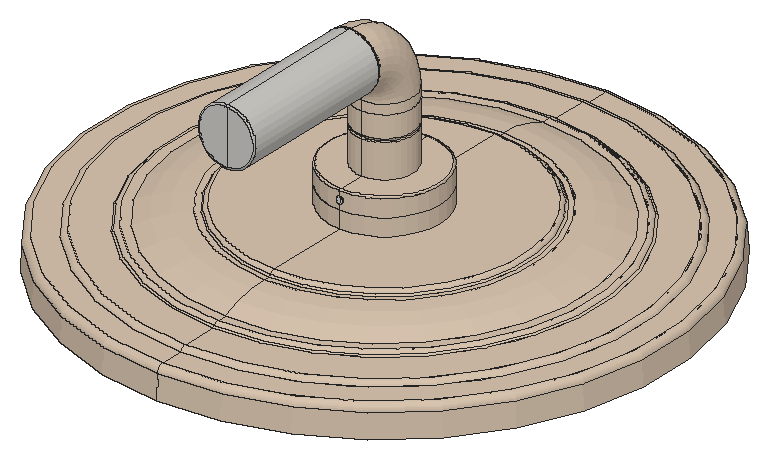
Revit family "Shower-Valve_Trim-KALLISTA-One-P32361", category Specialty Equipment, host Face, Revit 2021
Family settings
  Host = Face
  Round Connector Dimension = Use Diameter
  Part Type = Normal
  OmniClass Number = 23.31.25.00
  OmniClass Title = Toilet and Bath Specialties
  Cut with Voids When Loaded = No
  Shared = No
  Room Calculation Point = No
Parameters (values of type "BAF-Brushed French Gold")
  Width = 8 11/256"  # constant formula
  WaterSense Certified = 1 = 0  # no
  URL = "https://www.kallista.com/"
  Type = 1
  Secondary Finish = Kallista-Metal-AD-Nickel_Silver
  Product Page URL = ""
  Product Name = "One"  # constant formula
  Product Documentation Link = ""
  Model = if(Type = 1, "P32361-AD", if(Type = 2, "P32361-ULB", "NA"))  # "P32361-AD"
  Material = "Premium Metal Construction"  # constant formula
  Master Format 2014 Name = "Toilet, Bath, and Laundry Accessories"  # constant formula
  Master Format 2014 = "10 28 00"  # constant formula
  Manufacturer Address = "444 Highland Dr.Kohler, WI 53044"  # constant formula
  Manufacturer = "Kallista Co."  # constant formula
  Length = 3 25/128"  # constant formula
  Height = 8 11/256"  # constant formula
  Handle Clearance = 2 101/128"  # constant formula
  Finish = Kallista-Metal-BAF-Brushed_French_Gold
  Environmental Product Declaration = ""
  Description = "Grand Lux, Pressure Balance"  # constant formula
  Default Elevation = 42"
  Declare Label = ""
  Date Modified = "02/10/2023"  # constant formula
  Date Created = "02/10/2023"  # constant formula
  Copyright = "Copyright Kallista Co."  # constant formula
  Contact Us = "https://www.kallista.com/corporate/contact-us/"
  Assembly Code = "C1030200"
  ADA Compliant = 1 = 0  # no
Types (3): name | Type | Secondary Finish | Model | Finish
  (no name) | 1 | Kallista-Metal-AD-Nickel_Silver | "P32361-AD" | Kallista-Metal-BAF-Brushed_French_Gold
  BAF-Brushed French Gold | 1 | Kallista-Metal-AD-Nickel_Silver | "P32361-AD" | Kallista-Metal-BAF-Brushed_French_Gold
  SN-Polished Nickel | 2 | Kallista-Metal-ULB-Unlacquered_Brass | "P32361-ULB" | Kallista-Metal-SN-Polished_Nickel
Reference planes (in)
  plane 1 "Center (Front/Back)": y = 0
  plane 2: z = 0
  plane 3 "Center (Left/Right)": x = 0
  plane 4: y = 4.02165
  plane 5: x = -4.02165
  plane 6: x = -0.7874
  plane 7: x = -0.40157
  plane 8: y = -2.78906
  plane 9: y = 0.7874
  plane 10: y = -0.58268
  plane 11: y = 0.40157
  plane 12: y = -0.40157
  plane 13: y = -0.7874
  plane 14: y = -4.02132
  plane 15: x = 4.02132
  plane 16: x = 0.7874
  plane 17: x = 0.40157
  plane 18: z = 3.19531
  plane 19: z = 2.38976
  plane 20: z = 2.79331
  plane 21: z = 1.74882
  plane 22: z = 1.25197
  plane 23: z = 0.75197
  plane 24: z = 1.11676
Dimensions and locks (in)
  plane 8 to plane 1 "Center (Front/Back)" = 2 101/128"
  "Width": plane 5 to plane 15
  "Height": plane 4 to plane 14
  level to plane 18 = 3 25/128"
  plane 8 to plane 9 = 3.57646"
  plane 13 to plane 9 = 1.5748"
  plane 16 to plane 6 = 1.5748"
  plane 17 to plane 7 = 0.80315"
  level to plane 23 = 0.75197"
  "Handle Clearance": plane 1 "Center (Front/Back)" to plane 8
  "Length": plane 18 to level
  aligned and locked: plane 2 to host face
  aligned and locked: level to host face
  aligned and locked: plane 3 "Center (Left/Right)" to nested 1
  aligned and locked: plane 1 "Center (Front/Back)" to nested 1
Automatic sketch dimensions
  host sketch curve to host sketch curve = 96"  (x2)
Nested families (in)
  nested 1: "P32361" at (0, 0, 0), type "P32361"
Definition of nested family "P32361"
  Parameters
    Secondary Finish = none
    Material = none
    Default Elevation = 0"
  Reference planes (in)
    plane 1 "Center (Front/Back)": y = 0
    plane 2: z = 0
    plane 3 "Center (Left/Right)": x = 0
    plane 4: y = -2.7874
    plane 5: z = 3.19685
    plane 6: z = 2.38976
    plane 7: z = 2.79331
    plane 8: y = 0.40157
    plane 9: y = -0.40157
    plane 10: x = 0.40157
    plane 11: x = -0.40157
    plane 12: y = -0.58268
    plane 13: y = -1.83207
    plane 14: y = 0.7874
    plane 15: y = -0.7874
    plane 16: x = 0.7874
    plane 17: x = -0.7874
    plane 18: x = -4.02165
    plane 19: x = 4.02165
    plane 20: y = -4.02165
    plane 21: y = 4.02165
    plane 22: z = 0.75197
    plane 23: z = 1.25197
    plane 24: z = 1.74882
    plane 25: z = 1.11676
  Forms (in)
    Revolve 1, solid, material <- "Secondary Finish"
      sketch origin (0, 0, 0) x (0, 1, 0) y (0, 0, 1)
        loop
          line (-2.7874, 3.17717) -> (-2.7874, 2.79331) -> (-0.58268, 2.79331) -> (-0.58268, 3.17717)
          arc (-0.58268, 3.17717) -> (-0.58844, 3.19108) -> (-0.60236, 3.19685) r 0.01969
          line (-0.60236, 3.19685) -> (-2.76772, 3.19685)
          arc (-2.76772, 3.19685) -> (-2.78164, 3.19108) -> (-2.7874, 3.17717) r 0.01969
        axis (-0.58268, 2.79331) -> (-2.7874, 2.79331)
      angle from 0 to 360
    Sweep 2, solid, material <- "Material", detail levels medium+fine
      path origin (0, 0, 0) x (0, 1, 0) y (0, 0, 1)
        loop
          arc (-0.58268, 2.79331) -> (-0.17066, 2.62264) -> (0, 2.21063) r 0.58268
          line (0, 2.21063) -> (0, 2.07567)
      profile origin (0, 0, 2.14315) x (1, 0, 0) y (0, 1, 0)
        loop
          circle (0, 0) r 0.40157
    Revolve 3, solid, material <- "Material", detail levels medium+fine
      sketch origin (0, 0, 0) x (0, 1, 0) y (0, 0, 1)
        loop
          line (1.94657, 0.75197) -> (0.7874, 0.75197) -> (0.7874, 0.99213) -> (0, 0.99213) -> (0, 0) -> (4.02165, 0) -> (4.00426, 0.33192)
          arc (4.00426, 0.33192) -> (3.97372, 0.39817) -> (3.90597, 0.4252) r 0.09843
          line (3.90597, 0.4252) -> (3.58947, 0.4252)
          arc (3.58947, 0.4252) -> (3.55213, 0.46544) -> (3.49929, 0.48031) r 0.10133
          line (3.49929, 0.48031) -> (3.02185, 0.48031)
          arc (3.02185, 0.48031) -> (3.00679, 0.48413) -> (2.99535, 0.49464) r 0.03168
          arc (2.99535, 0.49464) -> (2.96592, 0.52169) -> (2.92717, 0.5315) r 0.08149
          line (2.92717, 0.5315) -> (2.8024, 0.5315)
          arc (2.8024, 0.5315) -> (2.46476, 0.65203) -> (2.10859, 0.69291) r 1.57179
          line (2.10859, 0.69291) -> (2.03123, 0.69291)
          arc (2.03123, 0.69291) -> (2.01672, 0.69747) -> (2.00744, 0.70951) r 0.02535
          arc (2.00744, 0.70951) -> (1.98368, 0.7403) -> (1.94657, 0.75197) r 0.06486
        axis (0, 0.99213) -> (0, 0)
      angle from 0 to 360
    Revolve 4, solid, material <- "Material", detail levels coarse
      sketch origin (0, 0, 0) x (0, 1, 0) y (0, 0, 1)
        loop
          line (1.82118, 0.75197) -> (0.7874, 0.75197) -> (0.7874, 0.99213) -> (0, 0.99213) -> (0, 0) -> (4.02165, 0) -> (4.00426, 0.33192)
          arc (4.00426, 0.33192) -> (3.97372, 0.39817) -> (3.90597, 0.4252) r 0.09843
          line (3.90597, 0.4252) -> (3.82669, 0.4252)
          arc (3.82669, 0.4252) -> (3.79129, 0.42674) -> (3.75616, 0.43137) r 0.40615
          line (3.75616, 0.43137) -> (2.05294, 0.73169)
          arc (2.05294, 0.73169) -> (1.9375, 0.74689) -> (1.82118, 0.75197) r 1.33462
        axis (0, 0.99213) -> (0, 0)
      angle from 0 to 360
    Sweep 5, solid, material <- "Material", detail levels coarse
      path origin (0, 0, 0) x (0, 1, 0) y (0, 0, 1)
        loop
          arc (-0.58268, 2.79331) -> (-0.17066, 2.62264) -> (0, 2.21063) r 0.58268
          line (0, 2.21063) -> (0, 1.22638)
      profile origin (0, 0, 1.7185) x (1, 0, 0) y (0, 1, 0)
        loop
          circle (0, 0) r 0.40157
    Revolve 6, solid, material <- "Material", detail levels coarse
      sketch origin (0, 0, 0) x (0, 1, 0) y (0, 0, 1)
        loop
          line (0, 1.25197) -> (0, 0.99213) -> (0.7874, 0.99213) -> (0.7874, 1.22835)
          arc (0.7874, 1.22835) -> (0.78048, 1.24505) -> (0.76378, 1.25197) r 0.02362
          line (0.76378, 1.25197) -> (0, 1.25197)
        axis (0, 1.25197) -> (0, 0.99213)
      angle from 0 to 360
    Revolve 7, solid, material <- "Material", detail levels medium+fine
      sketch origin (0, 0, 0) x (0, 1, 0) y (0, 0, 1)
        loop
          arc (0.7874, 1.23228) -> (0.78164, 1.2462) -> (0.76772, 1.25197) r 0.01969
          line (0.76772, 1.25197) -> (0.40157, 1.25197) -> (0.40157, 1.72919)
          arc (0.40157, 1.72919) -> (0.39582, 1.74307) -> (0.38194, 1.74882) r 0.01963
          arc (0.38194, 1.74882) -> (0.39583, 1.7546) -> (0.40157, 1.7685) r 0.01969
          line (0.40157, 1.7685) -> (0.40157, 2.11071) -> (0, 2.11071) -> (0, 0.99213) -> (0.7874, 0.99213) -> (0.7874, 1.23228)
        axis (0, 2.11071) -> (0, 0.99213)
      angle from 0 to 360
    Revolve 8, void
      sketch origin (0, 0, 0) x (0, 1, 0) y (0, 0, 1)
        loop
          line (-0.83676, 1.11676) -> (-0.72667, 1.11676) -> (-0.72667, 1.16569) -> (-0.83676, 1.16569) -> (-0.83676, 1.11676)
        axis (-0.72667, 1.11676) -> (-0.83676, 1.11676)
      angle from 0 to 360
    Revolve 9, solid
      sketch origin (0, 0, 0) x (0, 1, 0) y (0, 0, 1)
        loop
          line (-0.72667, 1.11676) -> (-0.72667, 1.16319) -> (-0.7874, 1.16319) -> (-0.7874, 1.11676) -> (-0.72667, 1.11676)
        axis (-0.7874, 1.11676) -> (-0.72667, 1.11676)
      angle from 0 to 360
  Cuts and joins
    joined: Revolve 4, Sweep 5
    Revolve 8 cuts Sweep 2
    Revolve 8 cuts Revolve 7
    joined: Sweep 2, Revolve 7
    Revolve 8 cuts Revolve 6
  Lines and regions (in)
    Masking region 1
      outline origin (0, 0, 0) x (1, 0, 0) y (0, 0, 1)
        loop
          line (4.02165, 0) -> (4.00422, 0.3326)
          arc (4.00422, 0.3326) -> (3.97368, 0.39885) -> (3.90593, 0.42588) r 0.09843
          line (3.90593, 0.42588) -> (3.60769, 0.42588)
          arc (3.60769, 0.42588) -> (3.5916, 0.4303) -> (3.58003, 0.44232) r 0.0315
          arc (3.58003, 0.44232) -> (3.5512, 0.47226) -> (3.51112, 0.48327) r 0.07846
          line (3.51112, 0.48327) -> (3.01787, 0.48327)
          arc (3.01787, 0.48327) -> (3.00266, 0.48718) -> (2.99123, 0.49795) r 0.0315
          arc (2.99123, 0.49795) -> (2.96281, 0.52475) -> (2.92498, 0.53448) r 0.07833
          line (2.92498, 0.53448) -> (2.80054, 0.53448)
          arc (2.80054, 0.53448) -> (2.44984, 0.65288) -> (2.08187, 0.69297) r 1.70869
          line (2.08187, 0.69297) -> (2.03612, 0.69297)
          arc (2.03612, 0.69297) -> (2.02122, 0.69735) -> (2.01105, 0.70908) r 0.02756
          arc (2.01105, 0.70908) -> (1.98398, 0.74032) -> (1.94432, 0.75197) r 0.07336
          line (1.94432, 0.75197) -> (0.7874, 0.75197) -> (0.7874, 1.23228)
          arc (0.7874, 1.23228) -> (0.78164, 1.2462) -> (0.76772, 1.25197) r 0.01969
          line (0.76772, 1.25197) -> (0.42126, 1.25197)
          arc (0.42126, 1.25197) -> (0.40734, 1.25773) -> (0.40157, 1.27165) r 0.01969
          line (0.40157, 1.27165) -> (0.40157, 1.72913)
          arc (0.40157, 1.72913) -> (0.39581, 1.74305) -> (0.38189, 1.74882) r 0.01969
          arc (0.38189, 1.74882) -> (0.39581, 1.75458) -> (0.40157, 1.7685) r 0.01969
          line (0.40157, 1.7685) -> (0.40157, 2.83312)
          arc (0.40157, 2.83312) -> (0, 3.19685) -> (-0.40157, 2.83312) r 0.40354
          line (-0.40157, 2.83312) -> (-0.40157, 1.7685)
          arc (-0.40157, 1.7685) -> (-0.39581, 1.75458) -> (-0.38189, 1.74882) r 0.01969
          arc (-0.38189, 1.74882) -> (-0.39581, 1.74305) -> (-0.40157, 1.72913) r 0.01969
          line (-0.40157, 1.72913) -> (-0.40157, 1.27165)
          arc (-0.40157, 1.27165) -> (-0.40734, 1.25773) -> (-0.42126, 1.25197) r 0.01969
          line (-0.42126, 1.25197) -> (-0.76772, 1.25197)
          arc (-0.76772, 1.25197) -> (-0.78164, 1.2462) -> (-0.7874, 1.23228) r 0.01969
          line (-0.7874, 1.23228) -> (-0.7874, 0.75197) -> (-1.94432, 0.75197)
          arc (-1.94432, 0.75197) -> (-1.98398, 0.74032) -> (-2.01105, 0.70908) r 0.07336
          arc (-2.01105, 0.70908) -> (-2.02122, 0.69735) -> (-2.03612, 0.69297) r 0.02756
          line (-2.03612, 0.69297) -> (-2.08187, 0.69297)
          arc (-2.08187, 0.69297) -> (-2.44984, 0.65288) -> (-2.80054, 0.53448) r 1.70869
          line (-2.80054, 0.53448) -> (-2.92498, 0.53448)
          arc (-2.92498, 0.53448) -> (-2.96281, 0.52475) -> (-2.99123, 0.49795) r 0.07833
          arc (-2.99123, 0.49795) -> (-3.00266, 0.48718) -> (-3.01787, 0.48327) r 0.0315
          line (-3.01787, 0.48327) -> (-3.51112, 0.48327)
          arc (-3.51112, 0.48327) -> (-3.5512, 0.47226) -> (-3.58003, 0.44232) r 0.07846
          arc (-3.58003, 0.44232) -> (-3.5916, 0.4303) -> (-3.60769, 0.42588) r 0.0315
          line (-3.60769, 0.42588) -> (-3.90593, 0.42588)
          arc (-3.90593, 0.42588) -> (-3.97368, 0.39885) -> (-4.00422, 0.3326) r 0.09843
          line (-4.00422, 0.3326) -> (-4.02165, 0) -> (4.02165, 0)
    Masking region 2
      outline origin (0, 0, 0) x (1, 0, 0) y (0, 1, 0)
        loop
          circle (0, 0) r 4.02165
    Masking region 3
      outline origin (0, 0, 0) x (0, 1, 0) y (0, 0, 1)
        loop
          arc (-2.7874, 2.40945) -> (-2.78164, 2.39553) -> (-2.76772, 2.38976) r 0.01969
          line (-2.76772, 2.38976) -> (-0.60889, 2.38976)
          arc (-0.60889, 2.38976) -> (-0.59115, 2.39664) -> (-0.58268, 2.41368) r 0.02633
          arc (-0.58268, 2.41368) -> (-0.57284, 2.39672) -> (-0.55496, 2.38867) r 0.03206
          arc (-0.55496, 2.38867) -> (-0.4455, 2.33206) -> (-0.40157, 2.21693) r 0.17284
          line (-0.40157, 2.21693) -> (-0.40157, 1.7685)
          arc (-0.40157, 1.7685) -> (-0.39581, 1.75458) -> (-0.38189, 1.74882) r 0.01969
          arc (-0.38189, 1.74882) -> (-0.39581, 1.74305) -> (-0.40157, 1.72913) r 0.01969
          line (-0.40157, 1.72913) -> (-0.40157, 1.27165)
          arc (-0.40157, 1.27165) -> (-0.40734, 1.25773) -> (-0.42126, 1.25197) r 0.01969
          line (-0.42126, 1.25197) -> (-0.76772, 1.25197)
          arc (-0.76772, 1.25197) -> (-0.78164, 1.2462) -> (-0.7874, 1.23228) r 0.01969
          line (-0.7874, 1.23228) -> (-0.7874, 0.75197) -> (-1.9436, 0.75197)
          arc (-1.9436, 0.75197) -> (-1.98186, 0.74028) -> (-2.00705, 0.70919) r 0.06844
          arc (-2.00705, 0.70919) -> (-2.01719, 0.69667) -> (-2.03259, 0.69197) r 0.02756
          line (-2.03259, 0.69197) -> (-2.07369, 0.69197)
          arc (-2.07369, 0.69197) -> (-2.44614, 0.65205) -> (-2.80168, 0.5341) r 1.75744
          line (-2.80168, 0.5341) -> (-2.9269, 0.5341)
          arc (-2.9269, 0.5341) -> (-2.96399, 0.52447) -> (-2.9917, 0.49801) r 0.07623
          arc (-2.9917, 0.49801) -> (-3.00315, 0.48708) -> (-3.01848, 0.4831) r 0.0315
          line (-3.01848, 0.4831) -> (-3.50981, 0.4831)
          arc (-3.50981, 0.4831) -> (-3.55081, 0.47194) -> (-3.58049, 0.44153) r 0.08088
          arc (-3.58049, 0.44153) -> (-3.59205, 0.42969) -> (-3.60802, 0.42534) r 0.0315
          line (-3.60802, 0.42534) -> (-3.90596, 0.42534)
          arc (-3.90596, 0.42534) -> (-3.97371, 0.39831) -> (-4.00425, 0.33207) r 0.09843
          line (-4.00425, 0.33207) -> (-4.02165, 0) -> (4.02165, 0) -> (4.00425, 0.33207)
          arc (4.00425, 0.33207) -> (3.97371, 0.39831) -> (3.90596, 0.42534) r 0.09843
          line (3.90596, 0.42534) -> (3.60802, 0.42534)
          arc (3.60802, 0.42534) -> (3.59205, 0.42969) -> (3.58049, 0.44153) r 0.0315
          arc (3.58049, 0.44153) -> (3.55081, 0.47194) -> (3.50981, 0.4831) r 0.08088
          line (3.50981, 0.4831) -> (3.01848, 0.4831)
          arc (3.01848, 0.4831) -> (3.00315, 0.48708) -> (2.9917, 0.49801) r 0.0315
          arc (2.9917, 0.49801) -> (2.96399, 0.52447) -> (2.9269, 0.5341) r 0.07623
          line (2.9269, 0.5341) -> (2.80168, 0.5341)
          arc (2.80168, 0.5341) -> (2.44614, 0.65205) -> (2.07369, 0.69197) r 1.75744
          line (2.07369, 0.69197) -> (2.03259, 0.69197)
          arc (2.03259, 0.69197) -> (2.01719, 0.69667) -> (2.00705, 0.70919) r 0.02756
          arc (2.00705, 0.70919) -> (1.98186, 0.74028) -> (1.9436, 0.75197) r 0.06844
          line (1.9436, 0.75197) -> (0.7874, 0.75197) -> (0.7874, 1.23228)
          arc (0.7874, 1.23228) -> (0.78164, 1.2462) -> (0.76772, 1.25197) r 0.01969
          line (0.76772, 1.25197) -> (0.42126, 1.25197)
          arc (0.42126, 1.25197) -> (0.40734, 1.25773) -> (0.40157, 1.27165) r 0.01969
          line (0.40157, 1.27165) -> (0.40157, 1.72913)
          arc (0.40157, 1.72913) -> (0.39581, 1.74305) -> (0.38189, 1.74882) r 0.01969
          arc (0.38189, 1.74882) -> (0.39581, 1.75458) -> (0.40157, 1.7685) r 0.01969
          line (0.40157, 1.7685) -> (0.40157, 2.2126)
          arc (0.40157, 2.2126) -> (0.1218, 2.89996) -> (-0.55847, 3.19655) r 0.98425
          arc (-0.55847, 3.19655) -> (-0.57555, 3.18985) -> (-0.58268, 3.17294) r 0.02362
          arc (-0.58268, 3.17294) -> (-0.59115, 3.18997) -> (-0.60889, 3.19685) r 0.02633
          line (-0.60889, 3.19685) -> (-2.76772, 3.19685)
          arc (-2.76772, 3.19685) -> (-2.78164, 3.19108) -> (-2.7874, 3.17717) r 0.01969
          line (-2.7874, 3.17717) -> (-2.7874, 2.40945)
    symbolic lines, detail levels medium+fine
      curve 1: line (0.38189, 0, 1.74882) -> (-0.38189, 0, 1.74882)
      curve 2: line (0.40157, 0, 1.7685) -> (-0.40157, 0, 1.7685)
      curve 3: line (0.40157, 0, 1.72913) -> (-0.40157, 0, 1.72913)
      curve 4: line (0.40157, 0, 1.27165) -> (-0.40157, 0, 1.27165)
      curve 5: line (0.42126, 0, 1.25197) -> (-0.42126, 0, 1.25197)
      curve 6: line (0.7874, 0, 1.23228) -> (-0.7874, 0, 1.23228)
      curve 7: line (0.7874, 0, 0.75197) -> (-0.7874, 0, 0.75197)
      curve 8: line (2.01105, 0, 0.70908) -> (-2.01105, 0, 0.70908)
      curve 9: line (-2.03612, 0, 0.69297) -> (2.03612, 0, 0.69297)
      curve 10: line (2.80054, 0, 0.53448) -> (-2.80054, 0, 0.53448)
      curve 11: line (-2.99123, 0, 0.49795) -> (2.99123, 0, 0.49795)
      curve 12: line (3.01787, 0, 0.48327) -> (-3.01787, 0, 0.48327)
      curve 13: line (-3.58003, 0, 0.44232) -> (3.58003, 0, 0.44232)
      curve 14: line (3.60769, 0, 0.42588) -> (-3.60769, 0, 0.42588)
      curve 15: line (-4.00422, 0, 0.3326) -> (4.00422, 0, 0.3326)
      curve 16: line (-0.40157, 0, 0) -> (-0.40157, -0.56299, 0)
      curve 17: line (0.40157, 0, 0) -> (0.40157, -0.56299, 0)
      curve 18: line (0.37795, -2.7874, 0) -> (-0.37795, -2.7874, 0)
      curve 19: line (0.38189, -0.58268, 0) -> (-0.38189, -0.58268, 0)
      curve 20: arc (0.40157, -1.98343, 0) -> (0, 2.02367, 0) -> (-0.40157, -1.98343, 0) r 2.02367
      curve 21: arc (-0.20877, -2.7874, 0) -> (0, -2.79521, 0) -> (0.20877, -2.7874, 0) r 2.79521
      curve 22: circle (0, 0, 0) r 2.9227 normal (0, 0, 1)
      curve 23: circle (0, 0, 0) r 3.00571 normal (0, 0, 1)
      curve 24: circle (0, 0, 0) r 3.49306 normal (0, 0, 1)
      curve 25: circle (0, 0, 0) r 3.59528 normal (0, 0, 1)
      curve 26: circle (0, 0, 0) r 3.89999 normal (0, 0, 1)
      curve 27: arc (0.40157, 0, 0) -> (0, 0.40157, 0) -> (-0.40157, 0, 0) r 0.40157
      curve 28: arc (0.40157, -0.1105, 0) -> (0, 0.4165, 0) -> (-0.40157, -0.1105, 0) r 0.4165
      curve 29: line (-0.40157, -0.60236, 0) -> (-0.40157, -2.76378, 0)
      curve 30: line (0.40157, -0.60236, 0) -> (0.40157, -2.76378, 0)
      curve 31: arc (-0.38189, -0.58268, 0) -> (-0.39581, -0.58844, 0) -> (-0.40157, -0.60236, 0) r 0.01969
      curve 32: arc (0.38189, -0.58268, 0) -> (0.39581, -0.58844, 0) -> (0.40157, -0.60236, 0) r 0.01969
      curve 33: arc (-0.38189, -0.58268, 0) -> (-0.39581, -0.57691, 0) -> (-0.40157, -0.56299, 0) r 0.01969
      curve 34: arc (0.38189, -0.58268, 0) -> (0.39581, -0.57691, 0) -> (0.40157, -0.56299, 0) r 0.01969
      curve 35: line (-0.40157, -0.56299, 0) -> (0.40157, -0.56299, 0)
      curve 36: line (0.40157, -0.60236, 0) -> (-0.40157, -0.60236, 0)
      curve 37: arc (0.40157, -0.66441, 0) -> (0, 0.77634, 0) -> (-0.40157, -0.66441, 0) r 0.77634
      curve 38: arc (0.40157, -0.70037, 0) -> (0, 0.80733, 0) -> (-0.40157, -0.70037, 0) r 0.80733
      curve 39: arc (0.40157, -0.67684, 0) -> (0, 0.787, 0) -> (-0.40157, -0.67684, 0) r 0.787
      curve 40: arc (0.40157, -1.89993, 0) -> (0, 1.9419, 0) -> (-0.40157, -1.89993, 0) r 1.9419
      curve 41: arc (0.40145, -2.76623, 0) -> (0, 2.79521, 0) -> (-0.40145, -2.76623, 0) r 2.79521
      curve 42: arc (-0.40157, -2.76378, 0) -> (-0.39466, -2.78048, 0) -> (-0.37795, -2.7874, 0) r 0.02362
      curve 43: arc (0.40157, -2.76378, 0) -> (0.39466, -2.78048, 0) -> (0.37795, -2.7874, 0) r 0.02362
      curve 44: line (0, -2.76772, 3.19685) -> (0, -2.76772, 2.38976)
      curve 45: line (0, -0.60889, 3.19685) -> (0, -0.60889, 2.38976)
      curve 46: line (0, -0.58268, 3.17294) -> (0, -0.58268, 2.41368)
      curve 47: line (0, -0.55847, 3.19655) -> (0, -0.55847, 2.38927)
      curve 48: line (0, -0.40157, 1.7685) -> (0, 0.40157, 1.7685)
      curve 49: line (0, -0.40157, 1.72913) -> (0, 0.40157, 1.72913)
      curve 50: line (0, -0.38189, 1.74882) -> (0, 0.38189, 1.74882)
      curve 51: line (0, -0.42126, 1.25197) -> (0, 0.42126, 1.25197)
      curve 52: line (0, 0.40157, 1.27165) -> (0, -0.40157, 1.27165)
      curve 53: line (0, -0.7874, 1.23228) -> (0, 0.7874, 1.23228)
      curve 54: line (0, -0.7874, 0.75197) -> (0, 0.7874, 0.75197)
      curve 55: line (0, -2.00705, 0.70919) -> (0, 2.00705, 0.70919)
      curve 56: line (0, 2.03259, 0.69197) -> (0, -2.03259, 0.69197)
      curve 57: line (0, -2.80168, 0.5341) -> (0, 2.80168, 0.5341)
      curve 58: line (0, 2.9917, 0.49801) -> (0, -2.9917, 0.49801)
      curve 59: line (0, -3.01848, 0.4831) -> (0, 3.01848, 0.4831)
      curve 60: line (0, -3.58049, 0.44153) -> (0, 3.58049, 0.44153)
      curve 61: line (0, 3.60802, 0.42534) -> (0, -3.60802, 0.42534)
      curve 62: line (0, -4.00425, 0.33207) -> (0, 4.00425, 0.33207)
      curve 63: line (0.7874, 0, 0.99213) -> (-0.7874, 0, 0.99213)
      curve 64: line (0, -0.7874, 0.99213) -> (0, 0.7874, 0.99213)
      curve 65: line (-0.40157, -2.76378, 0) -> (0.40157, -2.76378, 0)
  Dimensions and locks (in)
    plane 1 "Center (Front/Back)" to plane 4 = 2.7874"
    plane 5 to level = 3.19685"
    plane 5 to plane 6 = 0.80709"  (x2)
    plane 8 to plane 9 = 0.80315"
    level to plane 22 = 0.75197"
    level to plane 5 = 3.19685"
    plane 19 to plane 18 = 8.04331"
    plane 18 to plane 19 = 8.04331"
    plane 20 to plane 21 = 8.04331"
    plane 4 to plane 1 "Center (Front/Back)" = 2.7874"
    plane 4 to plane 8 = 3.18898"
    aligned and locked: plane 2 to level
